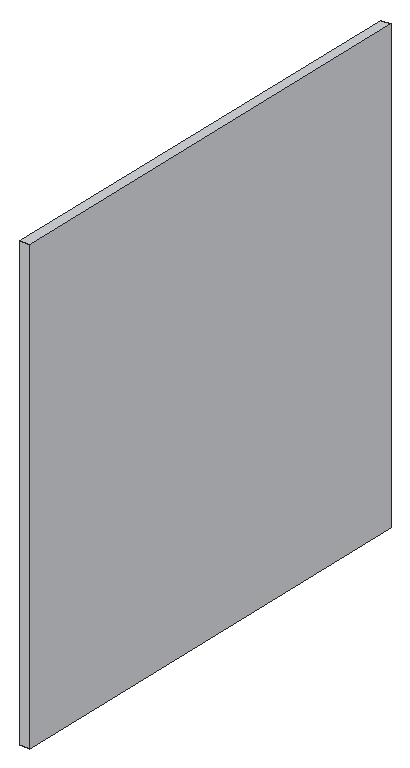
Revit family "3878885c5205448a9fefd0e0880511d2", category Duct Fittings, Revit 2021
Family settings
  Round Connector Dimension = Use Diameter
  Part Type = Union
  OmniClass Number = 23.75.70.14
  OmniClass Title = Air Ductwork
  Seek Item ID = Rectangular Union-0000-USA-ENU
  Work Plane-Based = No
  Always vertical = Yes
  Cut with Voids When Loaded = No
  Shared = No
Parameters (values of type "Standard")
  Duct Width [instance] = 12"
  Duct Length [instance] = 1/4"
  Duct Height [instance] = 12"
  Default Elevation = 0' - 0"
Reference planes (in)
  plane 1 "Center (Front/Back)": y = 0
  plane 2: z = 0
  plane 3 "Center (Left/Right)": x = 0
  plane 4: x = -0.125
  plane 5: x = 0.125
Forms (in)
  Extrusion 1, solid, detail levels medium+fine
    sketch origin (0, 0, 0) x (0, 1, 0) y (0, 0, 1)
      loop
        line (6, -6) -> (6, 6) -> (-6, 6) -> (-6, -6) -> (6, -6)
    from -0.125 to 0.125
Lines and regions (in)
  model lines, style "DuctFitting", detail levels coarse
    curve 1: line (-0.125, 0, 0) -> (0.125, 0, 0)
Dimensions and locks (in)
  equal spacing: plane 4, plane 3 "Center (Left/Right)", plane 5
  "Duct Length": plane 4 to plane 5
  equal spacing: Extrusion 1 sketch curve, plane 1 "Center (Front/Back)", Extrusion 1 sketch curve
  equal spacing: Extrusion 1 sketch curve, level, Extrusion 1 sketch curve
  "Duct Width": Extrusion 1 sketch curve to Extrusion 1 sketch curve
  "Duct Height": Extrusion 1 sketch curve to Extrusion 1 sketch curve
  aligned and locked: Extrusion 1 to plane 4
  aligned and locked: plane 5 to Extrusion 1
  aligned and locked: curve 1 to Extrusion 1
  aligned and locked: connector elem to curve 1
Automatic sketch dimensions
  curve 1 to plane 5 = 0' - 0"
Connectors (in)
  hvac at (-0.125, 0, 0), driven by "Duct Height", driven by "Duct Width"
    settings: on Extrusion 1, index 0, duct flow 0 CFM, flow factor 0, pres drop 0.00 in-wg, loss coef 0, conn angle 0.00°, conn width 12", conn height 12", conn diameter 24", duct sys type 28, conn prof type 1, flow config 0, flow direction 0, loss method 0, conn ref index 1, conn util no, is conn primary yes, conn desc ""
  hvac at (0.125, 0, 0), driven by "Duct Height", driven by "Duct Width"
    settings: on Extrusion 1, index 1, duct flow 0 CFM, flow factor 0, pres drop 0.00 in-wg, loss coef 0, conn angle 0.00°, conn width 12", conn height 12", conn diameter 24", duct sys type 28, conn prof type 1, flow config 0, flow direction 0, loss method 0, conn ref index 0, conn util no, is conn primary no, conn desc ""
